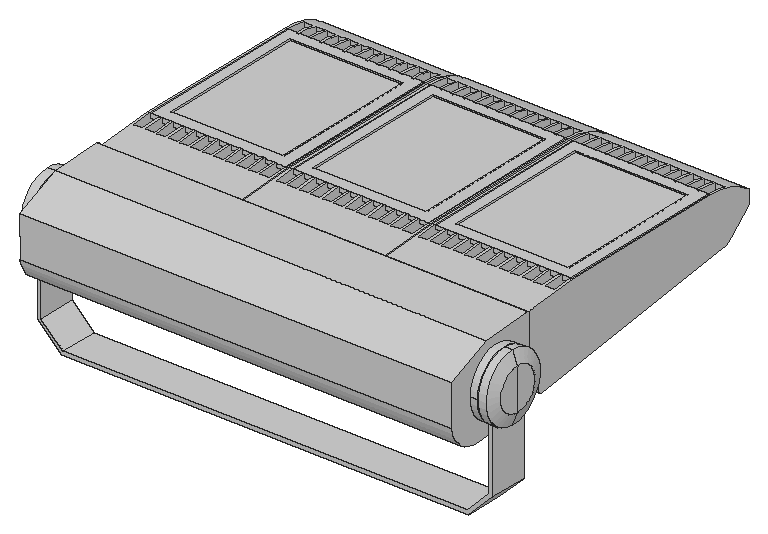
Revit family "0049123 Feilo Sylvania Lighting Fixture SYLVEO LED 20000LM RASYM 3K", category Lighting Fixtures, host Face, Revit 2017
Family settings
  Host = Face
  Round Connector Dimension = Use Diameter
  Part Type = Normal
  OmniClass Number = 23.80.70.00
  OmniClass Title = Lighting
  Cut with Voids When Loaded = No
  Light Source = No
  Shared = No
  Room Calculation Point = No
Parameters (values of type "0049123 SYLVEO LED 20000LM RASYM 3K")
  Weight = "11.516 kg"
  Wattage Comments = ""
  WarrantyStartDate [instance] = "n/a"
  WarrantyGuarantorParts = "n/a"
  WarrantyDurationUnit = "n/a"
  WarrantyDurationParts = "n/a"
  WarrantyDescription = "n/a"
  Voltage = 230 V
  URL = "http://www.sylvania-lighting.com"
  TypeName = "SYLVEO LED 20000LM RASYM 3K"
  TypeBody_FEILO = Sylveo Extra Large Body : 0049123 SYLVEO LED 20000LM RASYM 3K
  Type Image = <None>
  Type Comments = "n/a"
  TiltAngle_FEILO [instance] = 0.00°
  StartAngle_FEILO [instance] = EndAngle_FEILO + 180.00°  # 270.00°
  SerialNumber [instance] = "n/a"
  Material_3_FEILO = none
  PowerFactor = 0
  PowerConsumption = "201.3 W"
  NominalLength = 496 mm
  NominalHeight = 392 mm
  NominalDepth = 98 mm
  Name = "SYLVEO LED 20000LM RASYM 3K"
  ModelReference = Name  # "SYLVEO LED 20000LM RASYM 3K"
  ModelNumber = "0049123"
  Model = Name  # "SYLVEO LED 20000LM RASYM 3K"
  Material = "aluminium housing, glass diffuser"
  ManufacturerName = "Feilo Sylvania"
  Manufacturer = "Feilo Sylvania"
  LuminousEfficacy = "102.5 lm/W"
  LuminaireType = ""
  LightOutputRatio = "100"
  LampsType = Lamp  # "LED"
  LampNominalLuminous = "20639 lm"
  LampMacAdamStep = "6"
  LampColourTemperature = "3000 K"
  LampColourRenderingIndex = "70"
  Lamp = "LED"
  Keynote = "16500"
  InstallationDate [instance] = "n/a"
  InputVoltage = "100-240V~"
  InputNominalFrequency = "50 Hz"
  IngressProtection = "IP66"
  ImpactProtectionIndex = "IK08"
  IfcExportType = "IfcLightFixtureType"
  IfcExportAs = "IfcLightFixtureType"
  ExpectedLife = 50000
  EndAngle_FEILO [instance] = -TiltAngle_FEILO + 90.00°  # 90.00°
  ElectricShockClassification = "Class I"
  DurationUnit = "hours"
  DocumentationLiterature = "http://www.sylvania-lighting.com/product/en-int/products/0049123"
  DimmingControlOptions = "Non dimmable"
  Material_2_FEILO = none
  Description = "Exterior LED Floodlight, comes complete with a 1000mm cable and adjustable bracket, aluminium housing, clear glass diffuser, IP66, IK08, Class I, 3000K, Non-dimming, 20639lm, 201W, 103lm/W, 4800mA, CRI70, 52°x117° beam angle, 50000hrs, (LxWxD) 98x496x392mm, Asmmetric"
  Default Elevation = 1219.2 mm
  CreatedOn = "1/9/2018"
  CreatedBy = ""
  Cost = 0
  built-in parameter 1114216 [instance] = (empty or 0)
  ClassificationValue = "EF_70_80"
  ClassificationName = "Uniclass2015"
  Material_1_FEILO = Body-Sylvania-Sylveo
  BarCode [instance] = "n/a"
  AssetType = "Fixed"
  AssetIdentifier [instance] = "n/a"
  Assembly Code = "D5020200"
  Apparent Load = 201.3 VA
  Material_4_FEILO = none
Reference planes
  plane 1 "Center (Front/Back)": y = 0
  plane 2: z = 0
  plane 3 "Center (Left/Right)": x = 0
  plane 4: x = 248
  plane 5: x = -248
  plane 6: x = -243
  plane 7: x = 243
  plane 8: z = 121
  plane 9: z = 143
  plane 10: z = 99
  plane 11: z = 156
  plane 12: z = 86
  plane 13: x = -234
  plane 14: x = 234
  plane 15: z = 4
  plane 16: x = -238
  plane 17: x = 238
  plane 18: x = -213
  plane 19: x = 213
  plane 20: z = 25
  plane 21: y = 20
  plane 22: y = -20
Forms (mm)
  Revolve 1, solid, material "Body-Sylvania-Sylveo" <- "Material_1_FEILO"
    sketch origin (0, 0, 0) x (1, 0, 0) y (0, 0, 1)
      loop
        line (-234, 156) -> (-243, 156) -> (-248, 143) -> (-248, 121) -> (-234, 121) -> (-234, 156)
      loop
        line (234, 121) -> (248, 121) -> (248, 143) -> (243, 156) -> (234, 156) -> (234, 121)
      axis (-248, 121) -> (248, 121)
    angle from 360 to 0
  Extrusion 2, solid, material "Body-Sylvania-Sylveo" <- "Material_1_FEILO"
    sketch origin (0, 0, 0) x (1, 0, 0) y (0, 0, 1)
      loop
        line (213, 0) -> (238, 25) -> (238, 121) -> (234, 121) -> (234, 26.657) -> (211.343, 4) -> (-211.343, 4) -> (-234, 26.657) -> (-234, 121) -> (-238, 121) -> (-238, 25) -> (-213, 0) -> (213, 0)
    from -20 to 20
  Revolve 3, solid, not visible
    sketch origin (0, 0, 0) x (1, 0, 0) y (0, 0, 1)
      loop
        line (0, 143) -> (-50.437, 143) -> (-50.437, 121) -> (0, 121) -> (0, 143)
      axis (-50.437, 121) -> (0, 121)
    angle from 270 <- "StartAngle_FEILO" to 90 <- "EndAngle_FEILO"
Cuts and joins
  joined: Revolve 1, Extrusion 2
Dimensions and locks
  locked: plane 8 to plane 2 at 121
  equal spacing: plane 4, plane 3 "Center (Left/Right)", plane 5
  equal spacing: plane 7, plane 3 "Center (Left/Right)", plane 6
  locked: plane 6 to plane 5 at 5
  locked: plane 4 to plane 5 at 496
  equal spacing: plane 9, plane 8, plane 10
  locked: plane 9 to plane 10 at 44
  equal spacing: plane 11, plane 8, plane 12
  locked: plane 11 to plane 9 at 13
  equal spacing: plane 14, plane 3 "Center (Left/Right)", plane 13
  locked: plane 3 "Center (Left/Right)" to plane 13 at 234
  locked: plane 15 to plane 2 at 4
  equal spacing: plane 17, plane 3 "Center (Left/Right)", plane 16
  locked: plane 13 to plane 16 at 4
  locked: plane 20 to plane 2 at 25
  equal spacing: plane 19, plane 3 "Center (Left/Right)", plane 18
  locked: plane 18 to plane 16 at 25
  equal spacing: plane 22, plane 1 "Center (Front/Back)", plane 21
  locked: plane 22 to plane 21 at 40
  aligned and locked: plane 2 to host face
  aligned and locked: level to host face
  aligned and locked: plane 5 to Revolve 1 sketch curve  (x2)
  aligned and locked: Revolve 1 sketch curve to plane 13
  aligned and locked: plane 9 to Revolve 1 sketch curve  (x2)
  aligned and locked: plane 11 to Revolve 1 sketch curve
  aligned and locked: plane 6 to Revolve 1 sketch curve
  aligned and locked: plane 8 to Revolve 1 sketch curve  (x2)
  aligned and locked: plane 14 to Revolve 1 sketch curve
  aligned and locked: Revolve 1 sketch curve to plane 11
  aligned and locked: Revolve 1 sketch curve to plane 4
  aligned and locked: Revolve 1 sketch curve to Revolve 1 sketch curve  (x2)
  aligned and locked: plane 19 to Extrusion 2 sketch curve
  aligned and locked: level to Extrusion 2 sketch curve
  aligned and locked: plane 16 to Extrusion 2 sketch curve
  aligned and locked: plane 17 to Extrusion 2 sketch curve
  aligned and locked: Extrusion 2 sketch curve to plane 8
  aligned and locked: plane 8 to Extrusion 2 sketch curve
  aligned and locked: Extrusion 2 sketch curve to plane 14
  aligned and locked: Extrusion 2 sketch curve to plane 15
  aligned and locked: plane 13 to Extrusion 2 sketch curve
  aligned and locked: Extrusion 2 to plane 21
  aligned and locked: plane 22 to Extrusion 2
  aligned and locked: Revolve 3 sketch curve to plane 8  (x2)
  aligned and locked: plane 9 to Revolve 3 sketch curve
  aligned and locked: plane 3 "Center (Left/Right)" to Revolve 3 sketch curve
  aligned and locked: plane 3 "Center (Left/Right)" to nested 1
Automatic sketch dimensions
  host sketch curve to host sketch curve = 2438.4 mm  (x2)
  Revolve 1 sketch curve to plane 7 = 0 mm
  Revolve 1 sketch curve to plane 5 = 1276 mm
  plane 4 to Revolve 1 sketch curve = 1411.773 mm
  Extrusion 2 sketch curve to plane 18 = 0 mm
  Extrusion 2 sketch curve to plane 20 = 0 mm  (x2)
  plane 18 to Extrusion 2 sketch curve = 1.657 mm
  Extrusion 2 sketch curve to plane 19 = 1.657 mm
  Extrusion 2 sketch curve to plane 20 = 1.657 mm  (x2)
  Revolve 3 sketch curve to plane 3 "Center (Left/Right)" = 50.437 mm
  Revolve 3 sketch curve to plane 5 = 1276 mm
  plane 4 to Revolve 3 sketch curve = 1411.773 mm
Nested families
  nested 1: "Sylveo Extra Large Body" at (0, 0, 121), type <- "TypeBody_FEILO", type "0049123 SYLVEO LED 20000LM RASYM 3K"
    with WarrantyStartDate "n/a", SerialNumber "n/a", InstallationDate "n/a", built-in parameter 1114216 (empty or 0), BarCode "n/a", AssetIdentifier "n/a"
Connectors
  electrical at (0, 0, 0), driven by "Apparent Load", driven by "PowerFactor", driven by "Voltage"
    settings: index 1, voltage 230 V, apparent load 201.3 VA, apparent load phase1 0 VA, apparent load phase2 0 VA, apparent load phase3 0 VA, power factor 0, load classification "Lighting", number of poles 1, system type 30, power factor state 1, is connector primary yes, connector utility no, sub classification motor no, connector description ""
Definition of nested family "Sylveo Extra Large Body"
  Parameters (values of type "0049147 SYLVEO LED 20000LM RASYM 4K DALI ")
    Weight = "11.516 kg"
    Wattage Comments = ""
    Wattage = 202 W
    WarrantyStartDate [instance] = "n/a"
    WarrantyGuarantorParts = "n/a"
    WarrantyDurationUnit = "n/a"
    WarrantyDurationParts = "n/a"
    WarrantyDescription = "n/a"
    built-in parameter 1150110 = 1 (stored number, unit not read)
    Voltage = 230 V
    URL = "http://www.feilosylvania.com"
    TypeName = "SYLVEO LED 20000LM RASYM 4K DALI"
    Type Image = (empty or 0)
    Type Comments = "n/a"
    built-in parameter 1114217 = 1 (stored number, unit not read)
    Tilt Angle = -90.00°
    built-in parameter 1150109 = 1 (stored number, unit not read)
    built-in parameter 1150134 = 12
    built-in parameter 1150113 = 1 (stored number, unit not read)
    SerialNumber [instance] = "n/a"
    Photometric Web File = "0049147.ies"
    Material_3_FEILO = none
    PowerFactor = 0.95
    PowerConsumption = "202 W"
    NominalLength = 98 mm
    NominalHeight = 392 mm
    NominalDepth = 496 mm
    Name = "SYLVEO LED 20000LM RASYM 4K DALI"
    ModelReference = Name  # "SYLVEO LED 20000LM RASYM 4K DALI"
    ModelNumber = "0049147"
    Model = Name  # "SYLVEO LED 20000LM RASYM 4K DALI"
    Material = "aluminum housing, glass diffuser"
    ManufacturerName = "Feilo Sylvania"
    Manufacturer = "Feilo Sylvania"
    LuminousEfficacy = "106.6 lm/W"
    built-in parameter 1150105 = 11127.1 (stored number, unit not read)
    Lumens = 21533.2 lm
    LuminaireType = ""
    built-in parameter 1150115 = 1 (stored number, unit not read)
    LightOutputRatio = "1"
    built-in parameter 1150137 = (empty or 0)
    built-in parameter 1150139 = (empty or 0)
    LampsType = Lamp  # "LED"
    LampNominalLuminous = "21542 lm"
    LampMacAdamStep = "6"
    LampColourTemperature = "4000 K"
    LampColourRenderingIndex = "70"
    built-in parameter 1150112 = 1 (stored number, unit not read)
    built-in parameter 1150114 = 1 (stored number, unit not read)
    Lamp = "LED"
    Keynote = "16500"
    InstallationDate [instance] = "n/a"
    InputVoltage = "100-240V~"
    InputNominalFrequency = "50/60 Hz"
    built-in parameter 1150132 = (empty or 0)
    built-in parameter 1150102 = (empty or 0)
    built-in parameter 1150107 = 4000 (stored number, unit not read)
    built-in parameter 1150138 = (empty or 0)
    IngressProtection = "IP66"
    ImpactProtectionIndex = "IK08"
    built-in parameter 1150106 = 111.27 (stored number, unit not read)
    IfcExportType = "IfcLightFixtureType"
    IfcExportAs = "IfcLightFixtureType"
    ExpectedLife = 50000
    Emit from Rectangle Width = 156 mm
    Emit from Rectangle Length = 415.5 mm
    Emit Shape Visible in Rendering = no
    ElectricShockClassification = "Class I"
    built-in parameter 1150104 = 9.9035 (stored number, unit not read)
    DurationUnit = "hours"
    DocumentationLiterature = "http://www.feilosylvania.com/product/en-int/products/0049147"
    DimmingControlOptions = "Dimmable"
    Material_2_FEILO = none
    Dimming Lamp Color Temperature Shift = (empty or 0)
    Description = "Exterior LED floodlight, comes complete with a 1000mm cable and adjustable bracket, aluminium housing, clear glass diffuser, 21542lm, 201W, 107lm/W, 4000K, 5002mA, CRI70, 52°x117° beam angle, DALI dimmable, IP66, IK08, Class I, 50000hrs, (LxWxD) 98x496x392mm"
    Default Elevation = 1219.2 mm
    CreatedOn = "1/9/2018"
    CreatedBy = "aron.fodor@feilosylvania.com"
    Cost = 0
    Color Filter = 16777215
    built-in parameter 1114216 [instance] = (empty or 0)
    ClassificationValue = "EF_70_80"
    ClassificationName = "Uniclass2015"
    Material_1_FEILO = none
    BarCode [instance] = "n/a"
    built-in parameter 1114218 = 1 (stored number, unit not read)
    built-in parameter 1150133 = 10 (stored number, unit not read)
    AssetType = "Fixed"
    AssetIdentifier [instance] = "n/a"
    Assembly Code = "D5020200"
    Apparent Load = 202 VA
    Material_4_FEILO = none
  Types (9, lengths in mm): name | Weight | Wattage | TypeName | built-in parameter 1150134 | Photometric Web File | PowerFactor | PowerConsumption | NominalLength | NominalDepth | Name | ModelReference | ModelNumber | Model | Material | LuminousEfficacy | built-in parameter 1150105 | Lumens | LightOutputRatio | LampNominalLuminous | LampColourTemperature | InputNominalFrequency | built-in parameter 1150107 | built-in parameter 1150106 | built-in parameter 1150104 | DocumentationLiterature | DimmingControlOptions | Description | Apparent Load
    0049147 SYLVEO LED 20000LM RASYM 4K DALI | "11.516 kg" | 202 W | "SYLVEO LED 20000LM RASYM 4K DALI" | 12 | "0049147.ies" | 0.95 | "202 W" | 98 | 496 | "SYLVEO LED 20000LM RASYM 4K DALI" | "SYLVEO LED 20000LM RASYM 4K DALI" | "0049147" | "SYLVEO LED 20000LM RASYM 4K DALI" | "aluminum housing, glass diffuser" | "106.6 lm/W" | 11127.1 (stored number, unit not read) | 21533.2 lm | "1" | "21542 lm" | "4000 K" | "50/60 Hz" | 4000 (stored number, unit not read) | 111.27 (stored number, unit not read) | 9.9035 (stored number, unit not read) | "http://www.feilosylvania.com/product/en-int/products/0049147" | "Dimmable" | "Exterior LED floodlight, comes complete with a 1000mm cable and adjustable bracket, aluminium housing, clear glass diffuser, 21542lm, 201W, 107lm/W, 4000K, 5002mA, CRI70, 52°x117° beam angle, DALI dimmable, IP66, IK08, Class I, 50000hrs, (LxWxD) 98x496x392mm" | 202 VA
    0049146 SYLVEO LED 20000LM WIDE 4K DALI | "11.516 kg" | 200 W | "SYLVEO LED 20000LM WIDE 4K DALI" | 12 | "0049146.ies" | 0.95 | "200 W" | 98 | 496 | "SYLVEO LED 20000LM WIDE 4K DALI" | "SYLVEO LED 20000LM WIDE 4K DALI" | "0049146" | "SYLVEO LED 20000LM WIDE 4K DALI" | "aluminum housing, glass diffuser" | "106.4 lm/W" | 25856.7 (stored number, unit not read) | 21280 lm | "1" | "21281 lm" | "4000 K" | "50/60 Hz" | 4000 (stored number, unit not read) | 258.57 (stored number, unit not read) | 9.8849 (stored number, unit not read) | "http://www.feilosylvania.com/product/en-int/products/0049146" | "Dimmable" | "Exterior LED floodlight, comes complete with a 1000mm cable and adjustable bracket, aluminium housing, clear glass diffuser, 21281lm, 200W, 106lm/W, 4000K, 5002mA, CRI70, 52° beam angle, DALI dimmable, IP66, IK08, Class I, 50000hrs, (LxWxD) 98x496x392mm" | 200 VA
    0049145 SYLVEO LED 20000LM NAR 4K DALI | "11.516 kg" | 201 W | "SYLVEO LED 20000LM NAR 4K DALI" | 12 | "0049145.ies" | 0.95 | "201 W" | 98 | 496 | "SYLVEO LED 20000LM NAR 4K DALI" | "SYLVEO LED 20000LM NAR 4K DALI" | "0049145" | "SYLVEO LED 20000LM NAR 4K DALI" | "aluminum housing, glass diffuser" | "107.5 lm/W" | 50417.9 (stored number, unit not read) | 21607.5 lm | "1" | "21605 lm" | "4000 K" | "50/60 Hz" | 4000 (stored number, unit not read) | 504.18 (stored number, unit not read) | 9.9871 (stored number, unit not read) | "http://www.feilosylvania.com/product/en-int/products/0049145" | "Dimmable" | "Exterior LED floodlight, comes complete with a 1000mm cable and adjustable bracket, aluminium housing, clear glass diffuser, 21605lm, 201W, 108lm/W, 4000K, 5002mA, CRI70, 30° beam angle, DALI dimmable, IP66, IK08, Class I, 50000hrs, (LxWxD) 98x496x392mm" | 201 VA
    0049123 SYLVEO LED 20000LM RASYM 3K | "11.516 kg" | 201.3 W | "SYLVEO LED 20000LM RASYM 3K" | (empty or 0) | "0049123.ies" | 0 | "201.3 W" | 496 | 98 | "SYLVEO LED 20000LM RASYM 3K" | "SYLVEO LED 20000LM RASYM 3K" | "0049123" | "SYLVEO LED 20000LM RASYM 3K" | "aluminium housing, glass diffuser" | "102.5 lm/W" | 10660.6 (stored number, unit not read) | 20633.3 lm | "100" | "20639 lm" | "3000 K" | "50 Hz" | 3000 (stored number, unit not read) | 106.61 (stored number, unit not read) | 9.5226 (stored number, unit not read) | "http://www.feilosylvania.com/product/en-int/products/0049123" | "Non dimmable" | "Exterior LED Floodlight, comes complete with a 1000mm cable and adjustable bracket, aluminium housing, clear glass diffuser, IP66, IK08, Class I, 3000K, Non-dimming, 20639lm, 201W, 103lm/W, 4800mA, CRI70, 52°x117° beam angle, 50000hrs, (LxWxD) 98x496x392mm, Asmmetric" | 201.3 VA
    0049122 SYLVEO LED 20000LM WIDE 3K | "11.5 kg" | 201.3 W | "SYLVEO LED 20000LM WIDE 3K" | (empty or 0) | "0049122.ies" | 0 | "201.3 W" | 496 | 98 | "SYLVEO LED 20000LM WIDE 3K" | "SYLVEO LED 20000LM WIDE 3K" | "0049122" | "SYLVEO LED 20000LM WIDE 3K" | "aluminium housing, glass diffuser" | "102.5 lm/W" | 25192 (stored number, unit not read) | 20633.3 lm | "100" | "20633 lm" | "3000 K" | "50 Hz" | 3000 (stored number, unit not read) | 251.92 (stored number, unit not read) | 9.5226 (stored number, unit not read) | "http://www.feilosylvania.com/product/en-int/products/0049122" | "Non dimmable" | "Exterior LED Floodlight, comes complete with a 1000mm cable and adjustable bracket, aluminium housing, clear glass diffuser, IP66, IK08, Class I, 3000K, Non-dimming, 20633lm, 201W, 103lm/W, 4800mA, CRI70, 52° beam angle, 50000hrs, (LxWxD) 98x496x392mm" | 201.3 VA
    0049121 SYLVEO LED 20000LM NAR 3K | "11.552 kg" | 200.6 W | "SYLVEO LED 20000LM NAR 3K" | (empty or 0) | "0049121.ies" | 0 | "200.6 W" | 496 | 98 | "SYLVEO LED 20000LM NAR 3K" | "SYLVEO LED 20000LM NAR 3K" | "0049121" | "SYLVEO LED 20000LM NAR 3K" | "aluminium housing, glass diffuser" | "103.9 lm/W" | 50639 (stored number, unit not read) | 20842.3 lm | "100" | "20834 lm" | "3000 K" | "50 Hz" | 3000 (stored number, unit not read) | 506.39 (stored number, unit not read) | 9.6526 (stored number, unit not read) | "http://www.feilosylvania.com/product/en-int/products/0049121" | "Non dimmable" | "Exterior LED Floodlight, comes complete with a 1000mm cable and adjustable bracket, aluminium housing, clear glass diffuser, IP66, IK08, Class I, 3000K, Non-dimming, 20834lm, 201W, 104lm/W, 4800mA, CRI70, 30° beam angle, 50000hrs, (LxWxD) 98x496x392mm" | 200.6 VA
    0049120 SYLVEO LED 20000LM RASYM 4K | "11.318 kg" | 200.6 W | "SYLVEO LED 20000LM RASYM 4K" | 12 | "0049120.ies" | 0 | "200.6 W" | 496 | 98 | "SYLVEO LED 20000LM RASYM 4K" | "SYLVEO LED 20000LM RASYM 4K" | "0049120" | "SYLVEO LED 20000LM RASYM 4K" | "aluminium housing, glass diffuser" | "107.4 lm/W" | 11131.4 (stored number, unit not read) | 21544.4 lm | "100" | "21546 lm" | "4000 K" | "50 Hz" | 4000 (stored number, unit not read) | 111.31 (stored number, unit not read) | 9.9778 (stored number, unit not read) | "http://www.feilosylvania.com/product/en-int/products/0049120" | "Non dimmable" | "Exterior LED Floodlight, comes complete with a 1000mm cable and adjustable bracket, aluminium housing, clear glass diffuser, IP66, IK08, Class I, 4000K, Non-dimming, 21546lm, 201W, 107lm/W, 4800mA, CRI70, 52°x117° beam angle, 50000hrs, (LxWxD) 98x496x392mm" | 200.6 VA
    0049119 SYLVEO LED 20000LM WIDE 4K | "11.472 kg" | 200.5 W | "SYLVEO LED 20000LM WIDE 4K" | 12 | "0049119.ies" | 0 | "200.5 W" | 496 | 98 | "SYLVEO LED 20000LM WIDE 4K" | "SYLVEO LED 20000LM WIDE 4K" | "0049119" | "SYLVEO LED 20000LM WIDE 4K" | "aluminium housing, glass diffuser" | "107.3 lm/W" | 27146.8 (stored number, unit not read) | 21513.6 lm | "100" | "21514 lm" | "4000 K" | "50 Hz" | 4000 (stored number, unit not read) | 271.47 (stored number, unit not read) | 9.9685 (stored number, unit not read) | "http://www.feilosylvania.com/product/en-int/products/0049119" | "Non dimmable" | "Exterior LED Floodlight, comes complete with a 1000mm cable and adjustable bracket, aluminium housing, clear glass diffuser, IP66, IK08, Class I, 4000K, Non-dimming, 21514lm, 201W, 107lm/W, 4800mA, CRI70, 52° beam angle, 50000hrs, (LxWxD) 98x496x392mm" | 200.5 VA
    0049118 SYLVEO LED 20000LM NAR 4K | "11.496 kg" | 201.2 W | "SYLVEO LED 20000LM NAR 4K" | 12 | "0049118.ies" | 0 | "201.2 W" | 496 | 98 | "SYLVEO LED 20000LM NAR 4K" | "SYLVEO LED 20000LM NAR 4K" | "0049118" | "SYLVEO LED 20000LM NAR 4K" | "aluminium housing, glass diffuser" | "107.4 lm/W" | 52850.4 (stored number, unit not read) | 21608.9 lm | "100" | "21609 lm" | "4000 K" | "50 Hz" | 4000 (stored number, unit not read) | 528.5 (stored number, unit not read) | 9.9778 (stored number, unit not read) | "http://www.feilosylvania.com/product/en-int/products/0049118" | "Non dimmable" | "Exterior LED Floodlight, comes complete with a 1000mm cable and adjustable bracket, aluminium housing, clear glass diffuser, IP66, IK08, Class I, 4000K, Non-dimming, 21609lm, 201W, 107lm/W, 4000K, 4800mA, CRI70, 30° beam angle, 50000hrs, (LxWxD) 98x496x392mm" | 201.2 VA
  Reference planes
    plane 1 "Center (Front/Back)": y = 0
    plane 2: z = 0
    plane 3 "Center (Left/Right)": x = 0
    plane 4: x = 248
    plane 5: x = -248
    plane 6: x = 225.5
    plane 7: x = -225.5
    plane 8: y = 35
    plane 9: x = -234
    plane 10: x = 234
    plane 11: y = 43
    plane 12: y = -12
    plane 13: y = -58
    plane 14: z = 46
    plane 15: z = 43
    plane 16: z = 23
    plane 17: z = -20
    plane 18: y = -23
    plane 19: z = -40
    plane 20: z = -47
    plane 21: x = -149
    plane 22: x = 149
  Forms (mm)
    Extrusion 1, solid
      sketch origin (4.2, 0, 0) x (1, 0, 0) y (0, 1, 0)
        loop
          line (-1219.2, 1219.2) -> (-1219.2, -1219.2) -> (1219.2, -1219.2) -> (1219.2, 1219.2) -> (-1219.2, 1219.2)
      from 0 to -68.017
    Extrusion 2, solid, material <- "Material_1_FEILO"
      sketch origin (0, 0, 0) x (0, 1, 0) y (0, 0, 1)
        loop
          line (41.418, 45.914) -> (-12, 43)
          arc (-12, 43) -> (-35.432, 33.994) -> (-58, 23) r 290.694
          line (-58, 23) -> (-58, -20)
          arc (-58, -20) -> (-45.914, -40.518) -> (-23, -47) r 31.99
          line (-23, -47) -> (40.738, -40.24)
          arc (40.738, -40.24) -> (42.351, -39.416) -> (43, -37.725) r 2.529
          line (43, -37.725) -> (43, 44.416)
          arc (43, 44.416) -> (42.531, 45.505) -> (41.418, 45.914) r 1.5
      from -225.5 to 225.5
    Revolve 3, solid, material <- "Material_1_FEILO"
      sketch origin (0, 0, 0) x (1, 0, 0) y (0, 1, 0)
        loop
          line (-234, 35) -> (-234, 0) -> (-225.5, 0) -> (-225.5, 35) -> (-234, 35)
        loop
          line (234, 0) -> (234, 35) -> (225.5, 35) -> (225.5, 0) -> (234, 0)
        axis (234, 0) -> (-234, 0)
      angle from 360 to 0
  Cuts and joins
    joined: Extrusion 2, Revolve 3
  Dimensions and locks
    equal spacing: plane 5, plane 3 "Center (Left/Right)", plane 4
    locked: plane 5 to plane 4 at 496
    equal spacing: plane 7, plane 3 "Center (Left/Right)", plane 6
    locked: plane 5 to plane 7 at 22.5
    plane 1 "Center (Front/Back)" to plane 8 = 35 mm
    equal spacing: plane 9, plane 3 "Center (Left/Right)", plane 10
    locked: plane 9 to plane 10 at 468
    plane 13 to plane 18 to plane 12 to plane 1 "Center (Front/Back)" to plane 8 to plane 11 = 35 mm locked, 11 mm locked, 12 mm locked, 35 mm locked, 8 mm locked
    plane 14 to plane 15 to plane 16 to plane 2 to plane 17 to plane 19 = 3 mm locked, 20 mm locked, 23 mm locked, 20 mm locked, 20 mm locked
    locked: plane 20 to plane 19 at 7
    equal spacing: plane 21, plane 3 "Center (Left/Right)", plane 22
    locked: plane 21 to plane 3 "Center (Left/Right)" at 149
    aligned and locked: plane 2 to Extrusion 1
    aligned and locked: level to Extrusion 1
    aligned and locked: Extrusion 2 sketch curve to plane 11
    aligned and locked: plane 13 to Extrusion 2 sketch curve
    aligned and locked: plane 6 to Extrusion 2
    aligned and locked: Extrusion 2 to plane 7
    aligned and locked: plane 8 to Revolve 3 sketch curve  (x2)
    aligned and locked: plane 9 to Revolve 3 sketch curve
    aligned and locked: Revolve 3 sketch curve to plane 1 "Center (Front/Back)"  (x3)
    aligned and locked: Revolve 3 sketch curve to plane 7
    aligned and locked: Revolve 3 sketch curve to plane 10
    aligned and locked: plane 6 to Revolve 3 sketch curve
    aligned and locked: plane 2 to nested 1
    aligned and locked: plane 3 "Center (Left/Right)" to nested 1
    aligned and locked: plane 21 to nested 3
    aligned and locked: plane 22 to nested 2
    aligned and locked: plane 2 to nested 2
    aligned and locked: plane 2 to nested 3
    aligned and locked: imposter light to nested 2
    aligned and locked: imposter light to nested 1
    aligned and locked: imposter light to plane 3 "Center (Left/Right)"
  Automatic sketch dimensions
    Extrusion 1 sketch curve to Extrusion 1 sketch curve = 2438.4 mm  (x2)
    Extrusion 2 sketch curve to plane 18 = 0 mm
    Extrusion 2 sketch curve to plane 12 = 0 mm
    plane 20 to Extrusion 2 sketch curve = 0 mm
    plane 17 to Extrusion 2 sketch curve = 0 mm
    plane 16 to Extrusion 2 sketch curve = 0 mm
    plane 15 to Extrusion 2 sketch curve = 0 mm
    plane 18 to Extrusion 2 sketch curve = 3.374 mm
    Extrusion 2 sketch curve to Extrusion 2 sketch curve = 2.529 mm
    plane 19 to Extrusion 2 sketch curve = 0.24 mm
    plane 11 to Extrusion 2 sketch curve = 2.262 mm
    plane 14 to Extrusion 2 sketch curve = 0.086 mm
    plane 11 to Extrusion 2 sketch curve = 1.582 mm
    Extrusion 2 sketch curve to plane 15 = 1.416 mm
    Extrusion 2 sketch curve to plane 11 = 37.475 mm
    Revolve 3 sketch curve to plane 5 = 1276 mm
    plane 4 to Revolve 3 sketch curve = 1276 mm
  Nested families
    nested 1: "Sylveo Extra Large Screen Module" at (0, 43, 48) x (1, 0, 0) z (0, 1, 0), type "Type Name"
    nested 2: "Sylveo Extra Large Screen Module" at (149, 43, 48) x (1, 0, 0) z (0, 1, 0), type "Type Name"
    nested 3: "Sylveo Extra Large Screen Module" at (-149, 43, 48) x (1, 0, 0) z (0, 1, 0), type "Type Name"
  Definition of nested family "Sylveo Extra Large Screen Module"
    Parameters (values of type "Type Name")
      URL = "http://www.feilosylvania.com"
      Type Image = (empty or 0)
      Type Comments = "n/a"
      Material_3_FEILO = none
      Model = ""
      Manufacturer = "Feilo Sylvania"
      Keynote = ""
      Material_2_FEILO = none
      Description = ""
      Default Elevation = 1219.2 mm
      Cost = 0
      Material_1_FEILO = none
      Assembly Code = ""
      Material_4_FEILO = none
    Reference planes
      plane 1 "Center (Front/Back)": y = 0
      plane 2: z = 0
      plane 3 "Center (Left/Right)": x = 0
      plane 4: x = 73.5
      plane 5: x = -73.5
      plane 6: z = 290
      plane 7: z = 262.5
      plane 8: z = 241.5
      plane 9: z = 229.5
      plane 10: x = -71
      plane 11: x = 71
      plane 12: x = -59
      plane 13: x = 59
      plane 14: z = 61.5
      plane 15: z = 73.5
      plane 16: y = 16
      plane 17: y = 31
      plane 18: y = 56
      plane 19: y = 88
      plane 20: z = 16
      plane 21: z = 6
      plane 22: y = 4
      plane 23: x = -61.5
      plane 24: x = -49.5
      plane 25: x = -47
      plane 26: x = -37.5
      plane 27: x = -35
      plane 28: x = -25.5
      plane 29: x = -23
      plane 30: x = -13.5
      plane 31: x = -11
      plane 32: x = -1.5
      plane 33: x = 1
      plane 34: x = 10.5
      plane 35: x = 13
      plane 36: x = 22.5
      plane 37: x = 25
      plane 38: x = 34.5
      plane 39: x = 37
      plane 40: x = 46.5
      plane 41: x = 49
      plane 42: x = 58.5
      plane 43: x = 61
      plane 44: z = 40.5
      plane 45: y = 92
      plane 46: y = 48
      plane 47: z = 30.5
      plane 48: y = 1
      plane 49: z = 151.5
    Forms (mm)
      Extrusion 1, solid
        sketch origin (4.2, 0, 0) x (1, 0, 0) y (0, 1, 0)
          loop
            line (-1219.2, 1219.2) -> (-1219.2, -1219.2) -> (1219.2, -1219.2) -> (1219.2, 1219.2) -> (-1219.2, 1219.2)
        from 0 to -68.017
      Extrusion 2, solid, material <- "Material_1_FEILO", detail levels medium+fine
        sketch origin (0, 0, 0) x (0, 1, 0) y (0, 0, 1)
          loop
            line (0, 241.5) -> (0, 61.5) -> (4, 0) -> (88, 0) -> (88, 5)
            arc (88, 5) -> (87.707, 5.707) -> (87, 6) r 1
            line (87, 6) -> (58, 6)
            arc (58, 6) -> (56.586, 6.586) -> (56, 8) r 2
            line (56, 8) -> (56, 14)
            arc (56, 14) -> (56.586, 15.414) -> (58, 16) r 2
            line (58, 16) -> (82.836, 16)
            arc (82.836, 16) -> (86.711, 17.379) -> (88.136, 21.237) r 4.853
            arc (88.136, 21.237) -> (75.429, 138.984) -> (57.18, 256.001) r 2509.59
            arc (57.18, 256.001) -> (55.179, 262.077) -> (51.577, 267.365) r 22.945
            line (51.577, 267.365) -> (31, 290) -> (16, 290)
            arc (16, 290) -> (4.103, 267.036) -> (0, 241.5) r 81.508
        from -73.5 to 73.5
      Extrusion 3, void
        sketch origin (0, 0, 0) x (1, 0, 0) y (0, 0, 1)
          loop
            line (-71, 262.5) -> (-71, 40.5) -> (-61.5, 40.5) -> (-61.5, 262.5) -> (-71, 262.5)
          loop
            line (-59, 262.5) -> (-59, 40.5) -> (-49.5, 40.5) -> (-49.5, 262.5) -> (-59, 262.5)
          loop
            line (-47, 262.5) -> (-47, 40.5) -> (-37.5, 40.5) -> (-37.5, 262.5) -> (-47, 262.5)
          loop
            line (-35, 262.5) -> (-35, 40.5) -> (-25.5, 40.5) -> (-25.5, 262.5) -> (-35, 262.5)
          loop
            line (-23, 262.5) -> (-23, 40.5) -> (-13.5, 40.5) -> (-13.5, 262.5) -> (-23, 262.5)
          loop
            line (-11, 262.5) -> (-11, 40.5) -> (-1.5, 40.5) -> (-1.5, 262.5) -> (-11, 262.5)
          loop
            line (1, 262.5) -> (1, 40.5) -> (10.5, 40.5) -> (10.5, 262.5) -> (1, 262.5)
          loop
            line (13, 262.5) -> (13, 40.5) -> (22.5, 40.5) -> (22.5, 262.5) -> (13, 262.5)
          loop
            line (25, 262.5) -> (25, 40.5) -> (34.5, 40.5) -> (34.5, 262.5) -> (25, 262.5)
          loop
            line (37, 262.5) -> (37, 40.5) -> (46.5, 40.5) -> (46.5, 262.5) -> (37, 262.5)
          loop
            line (49, 262.5) -> (49, 40.5) -> (58.5, 40.5) -> (58.5, 262.5) -> (49, 262.5)
          loop
            line (61, 262.5) -> (61, 40.5) -> (71, 40.5) -> (71, 262.5) -> (61, 262.5)
        from -88 to 0
      Extrusion 4, void
        sketch origin (0, 0, 0) x (0, 1, 0) y (0, 0, 1)
          loop
            line (83.385, 40.5) -> (48, 40.5) -> (48, 6) -> (92, 6) -> (92, 43.121) -> (85.747, 43.121)
            arc (85.747, 43.121) -> (85.149, 41.285) -> (83.385, 40.5) r 2.374
        from -71 to 71
      Extrusion 5, solid, material <- "Material_1_FEILO", detail levels coarse
        sketch origin (0, 0, 0) x (0, 1, 0) y (0, 0, 1)
          loop
            line (51.577, 267.365) -> (31, 290) -> (16, 290)
            arc (16, 290) -> (4.103, 267.036) -> (0, 241.5) r 81.508
            line (0, 241.5) -> (0, 61.5) -> (4, 0) -> (88, 0) -> (88, 5)
            arc (88, 5) -> (87.707, 5.707) -> (87, 6) r 1
            line (87, 6) -> (58, 6)
            arc (58, 6) -> (56.586, 6.586) -> (56, 8) r 2
            line (56, 8) -> (56, 14)
            arc (56, 14) -> (56.586, 15.414) -> (58, 16) r 2
            line (58, 16) -> (82.836, 16)
            arc (82.836, 16) -> (86.711, 17.379) -> (88.136, 21.237) r 4.853
            arc (88.136, 21.237) -> (75.429, 138.984) -> (57.18, 256.001) r 2509.59
            arc (57.18, 256.001) -> (55.179, 262.077) -> (51.577, 267.365) r 22.945
        from -73.5 to 73.5
      Extrusion 6, void
        sketch origin (0, 0, 0) x (1, 0, 0) y (0, 0, 1)
          loop
            line (-71, 241.5) -> (-71, 61.5) -> (71, 61.5) -> (71, 241.5) -> (-71, 241.5)
        from 0 to -4
      Extrusion 7, solid, material <- "Material_1_FEILO"
        sketch origin (0, 0, 0) x (1, 0, 0) y (0, 0, 1)
          loop
            line (-71, 241.5) -> (-71, 61.5) -> (71, 61.5) -> (71, 241.5) -> (-71, 241.5)
          loop
            line (-59, 229.5) -> (-59, 73.5) -> (58.5, 73.5) -> (58.5, 229.5) -> (-59, 229.5)
        from -4 to 0
      Extrusion 8, solid, material <- "Material_2_FEILO"
        sketch origin (0, 0, 0) x (1, 0, 0) y (0, 0, 1)
          loop
            line (-59, 229.5) -> (-59, 73.5) -> (58.5, 73.5) -> (58.5, 229.5) -> (-59, 229.5)
        from -1 to -4
    Cuts and joins
      Extrusion 3, Extrusion 4, Extrusion 6 cuts Extrusion 2
      Extrusion 4, Extrusion 6 cuts Extrusion 5
    Dimensions and locks
      plane 1 "Center (Front/Back)" to plane 16 to plane 17 to plane 18 to plane 19 = 16 mm locked, 15 mm locked, 25 mm locked, 32 mm locked
      plane 7 to plane 8 to plane 9 to plane 15 to plane 14 to plane 20 to plane 21 to plane 2 = 21 mm locked, 12 mm locked, 156 mm locked, 12 mm locked, 45.5 mm locked, 10 mm locked, 6 mm locked
      locked: plane 1 "Center (Front/Back)" to plane 22 at 4
      equal spacing: plane 4, plane 3 "Center (Left/Right)", plane 5
      locked: plane 4 to plane 5 at 147
      plane 11 to plane 43 to plane 42 to plane 41 to plane 40 to plane 39 to plane 38 to plane 37 to plane 36 to plane 35 to plane 34 to plane 33 to plane 32 to plane 31 to plane 30 to plane 29 to plane 28 to plane 27 to plane 26 to plane 25 to plane 24 to plane 12 to plane 23 to plane 10 to plane 5 = 10 mm locked, 2.5 mm locked, 9.5 mm locked, 2.5 mm locked, 9.5 mm locked, 2.5 mm locked, 9.5 mm locked, 2.5 mm locked, 9.5 mm locked, 2.5 mm locked, 9.5 mm locked, 2.5 mm locked, 9.5 mm locked, 2.5 mm locked, 9.5 mm locked, 2.5 mm locked, 9.5 mm locked, 2.5 mm locked, 9.5 mm locked, 2.5 mm locked, 9.5 mm locked, 2.5 mm locked, 9.5 mm locked, 2.5 mm locked
      plane 6 to plane 2 = 290 mm
      plane 6 to plane 7 = 27.5 mm
      plane 7 to plane 8 = 21 mm
      plane 8 to plane 9 = 12 mm
      plane 8 to plane 14 = 180 mm
      plane 15 to plane 14 = 12 mm
      locked: plane 14 to plane 44 at 21
      locked: plane 19 to plane 45 at 4
      locked: plane 46 to plane 18 at 8
      locked: plane 20 to plane 47 at 14.5
      locked: plane 1 "Center (Front/Back)" to plane 48 at 1
      equal spacing: plane 9, plane 49, plane 15
      aligned and locked: plane 2 to Extrusion 1
      aligned and locked: level to Extrusion 1
      aligned and locked: plane 1 "Center (Front/Back)" to Extrusion 2 sketch curve  (x2)
      aligned and locked: plane 16 to Extrusion 2 sketch curve
      aligned and locked: plane 6 to Extrusion 2 sketch curve  (x2)
      aligned and locked: plane 17 to Extrusion 2 sketch curve
      aligned and locked: plane 20 to Extrusion 2 sketch curve
      aligned and locked: Extrusion 2 sketch curve to plane 18
      aligned and locked: Extrusion 2 sketch curve to plane 21
      aligned and locked: Extrusion 2 sketch curve to plane 19
      aligned and locked: Extrusion 2 sketch curve to plane 2
      aligned and locked: plane 22 to Extrusion 2 sketch curve
      aligned and locked: plane 14 to Extrusion 2 sketch curve
      aligned and locked: Extrusion 2 to plane 5
      aligned and locked: plane 7 to Extrusion 3 sketch curve  (x12)
      aligned and locked: plane 10 to Extrusion 3 sketch curve
      aligned and locked: Extrusion 3 sketch curve to plane 44  (x12)
      aligned and locked: Extrusion 3 sketch curve to plane 23
      aligned and locked: plane 12 to Extrusion 3 sketch curve
      aligned and locked: Extrusion 3 sketch curve to plane 24
      aligned and locked: plane 25 to Extrusion 3 sketch curve
      aligned and locked: Extrusion 3 sketch curve to plane 26
      aligned and locked: plane 27 to Extrusion 3 sketch curve
      aligned and locked: Extrusion 3 sketch curve to plane 28
      aligned and locked: plane 29 to Extrusion 3 sketch curve
      aligned and locked: Extrusion 3 sketch curve to plane 30
      aligned and locked: plane 31 to Extrusion 3 sketch curve
      aligned and locked: Extrusion 3 sketch curve to plane 32
      aligned and locked: Extrusion 3 sketch curve to plane 34
      aligned and locked: plane 33 to Extrusion 3 sketch curve
      aligned and locked: plane 35 to Extrusion 3 sketch curve
      aligned and locked: Extrusion 3 sketch curve to plane 36
      aligned and locked: plane 37 to Extrusion 3 sketch curve
      aligned and locked: Extrusion 3 sketch curve to plane 38
      aligned and locked: plane 39 to Extrusion 3 sketch curve
      aligned and locked: Extrusion 3 sketch curve to plane 40
      aligned and locked: plane 41 to Extrusion 3 sketch curve
      aligned and locked: Extrusion 3 sketch curve to plane 42
      aligned and locked: plane 43 to Extrusion 3 sketch curve
      aligned and locked: Extrusion 3 sketch curve to plane 11
      aligned and locked: Extrusion 3 to plane 19
      aligned and locked: plane 1 "Center (Front/Back)" to Extrusion 3
      aligned and locked: Extrusion 4 sketch curve to plane 44
      aligned and locked: plane 21 to Extrusion 4 sketch curve
      aligned and locked: Extrusion 4 sketch curve to plane 45
      aligned and locked: Extrusion 4 to plane 10
      aligned and locked: plane 11 to Extrusion 4
      aligned and locked: plane 46 to Extrusion 4 sketch curve
      aligned and locked: Extrusion 5 sketch curve to cut or joined group of Extrusion 2, Extrusion 3, Extrusion 4, Extrusion 6  (x9)
      aligned and locked: plane 4 to Extrusion 5
      aligned and locked: Extrusion 5 to plane 5
      aligned and locked: Extrusion 6 to plane 22
      aligned and locked: plane 1 "Center (Front/Back)" to Extrusion 6
      aligned and locked: Extrusion 7 sketch curve to cut or joined group of Extrusion 4, Extrusion 5, Extrusion 6  (x2)
      aligned and locked: Extrusion 7 sketch curve to cut or joined group of Extrusion 2, Extrusion 3, Extrusion 4, Extrusion 6  (x2)
      aligned and locked: plane 9 to Extrusion 7 sketch curve
      aligned and locked: Extrusion 7 sketch curve to plane 15
      aligned and locked: Extrusion 7 sketch curve to plane 42
      aligned and locked: plane 1 "Center (Front/Back)" to Extrusion 7
      aligned and locked: Extrusion 7 to plane 22
      aligned and locked: Extrusion 8 sketch curve to Extrusion 7  (x4)
      aligned and locked: Extrusion 8 to plane 22
      aligned and locked: plane 48 to Extrusion 8
    Automatic sketch dimensions
      Extrusion 1 sketch curve to Extrusion 1 sketch curve = 2438.4 mm  (x2)
      plane 8 to Extrusion 2 sketch curve = 0 mm
      Extrusion 2 sketch curve to level = 189.095 mm
      plane 1 "Center (Front/Back)" to Extrusion 2 sketch curve = 2412.624 mm
      Extrusion 2 sketch curve to plane 17 = 3.599 mm
      plane 18 to Extrusion 2 sketch curve = 4.423 mm
      Extrusion 2 sketch curve to Extrusion 2 sketch curve = 2 mm
      Extrusion 2 sketch curve to plane 18 = 2 mm
      plane 19 to Extrusion 2 sketch curve = 5.164 mm
      plane 19 to Extrusion 2 sketch curve = 4.699 mm
      Extrusion 2 sketch curve to Extrusion 2 sketch curve = 1 mm
      Extrusion 2 sketch curve to plane 20 = 4.831 mm
      Extrusion 2 sketch curve to plane 8 = 10.431 mm
      Extrusion 2 sketch curve to plane 7 = 4.865 mm
      Extrusion 2 sketch curve to Extrusion 2 sketch curve = 0 mm
      plane 19 to Extrusion 4 sketch curve = 4.615 mm
      plane 19 to Extrusion 4 sketch curve = 2.253 mm
      Extrusion 4 sketch curve to Extrusion 4 sketch curve = 2.374 mm
      Extrusion 5 sketch curve to level = 0 mm
      Extrusion 5 sketch curve to plane 22 = 0 mm
      plane 14 to Extrusion 5 sketch curve = 0 mm
      Extrusion 5 sketch curve to plane 46 = 3.577 mm
      Extrusion 5 sketch curve to plane 17 = 0 mm
      Extrusion 6 sketch curve to plane 10 = 0 mm
      Extrusion 6 sketch curve to plane 11 = 0 mm
      Extrusion 6 sketch curve to plane 14 = 0 mm
      Extrusion 6 sketch curve to plane 8 = 0 mm
      Extrusion 7 sketch curve to plane 12 = 0 mm
